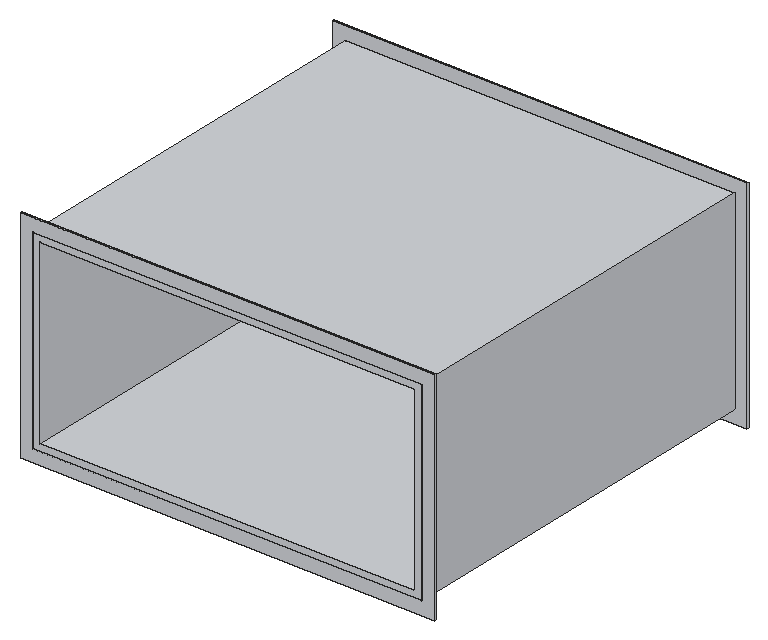
Revit family "Шумоглушитель пластинчатый DQ", category Оборудование, Revit 2022
Family settings
  Размер круглого соединителя = Использовать диаметр
  Тип детали = Нормальный
  На основе рабочей плоскости = Нет
  Всегда вертикально = Нет
  При загрузке вырезать с полостями = Нет
  Сохранять ориентацию аннотаций = Нет
  Общий = Нет
  Точка принадлежности помещению = Нет
Parameters (values of type "DQ 60-30/6")
  Отметка по умолчанию = 0 mm
  Изготовитель = "WAER"  # constant formula
  Keynote = ""
  URL = "https://waer-air.com/"
  ADSK_Система_Имя [instance] = ""
  ADSK_Расход воздуха = 0.0 m³/s
  ADSK_Размер_Ширина = 600 mm
  ADSK_Размер_Длина = 606 mm
  ADSK_Размер_Высота = 300 mm
  ADSK_Потеря давления воздуха = 0.0 Pa
  ADSK_Наименование краткое = "DQ 60-30/6"
  ADSK_Наименование = "Шумоглушитель пластинчатый DQ 60-30/6"
  ADSK_Масса_Текст = "19.3"
  ADSK_Масса = 19.3
  ADSK_Марка = ""
  ADSK_Количество = 1  # constant formula
  ADSK_Код изделия = ""
  ADSK_Завод-изготовитель = "WAER"  # constant formula
  ADSK_Единица измерения = "шт."  # constant formula
Types (18, lengths in mm): name | ADSK_Размер_Ширина | ADSK_Размер_Длина | ADSK_Размер_Высота | ADSK_Наименование краткое | ADSK_Наименование | ADSK_Масса_Текст | ADSK_Масса
  DQ 40-20/6 | 400 | 606 | 200 | "DQ 40-20/6" | "Шумоглушитель пластинчатый DQ 40-20/6" | "16.3" | 16.3
  DQ 40-20/10 | 400 | 1012 | 200 | "DQ 40-20/10" | "Шумоглушитель пластинчатый DQ 40-20/10" | "26.1" | 26.1
  DQ 50-25/6 | 500 | 606 | 250 | "DQ 50-25/6" | "Шумоглушитель пластинчатый DQ 50-25/6" | "16.8" | 16.8
  DQ 50-25/10 | 500 | 1012 | 250 | "DQ 50-25/10" | "Шумоглушитель пластинчатый DQ 50-25/10" | "27.1" | 27.1
  DQ 50-30/6 | 500 | 606 | 300 | "DQ 50-30/6" | "Шумоглушитель пластинчатый DQ 50-30/6" | "18.3" | 18.3
  DQ 50-30/10 | 500 | 1012 | 300 | "DQ 50-30/10" | "Шумоглушитель пластинчатый DQ 50-30/10" | "30.1" | 30.1
  DQ 60-30/6 | 600 | 606 | 300 | "DQ 60-30/6" | "Шумоглушитель пластинчатый DQ 60-30/6" | "19.3" | 19.3
  DQ 60-30/10 | 600 | 1012 | 300 | "DQ 60-30/10" | "Шумоглушитель пластинчатый DQ 60-30/10" | "32.3" | 32.3
  DQ 60-35/6 | 600 | 606 | 350 | "DQ 60-35/6" | "Шумоглушитель пластинчатый DQ 60-35/6" | "22." | 22
  DQ 60-35/10 | 600 | 1012 | 350 | "DQ 60-35/10" | "Шумоглушитель пластинчатый DQ 60-35/10" | "37.3" | 37.3
  DQ 70-40/6 | 700 | 606 | 400 | "DQ 70-40/6" | "Шумоглушитель пластинчатый DQ 70-40/6" | "29.4" | 29.4
  DQ 70-40/10 | 700 | 1012 | 400 | "DQ 70-40/10" | "Шумоглушитель пластинчатый DQ 70-40/10" | "48.1" | 48.1
  DQ 80-50/6 | 800 | 606 | 500 | "DQ 80-50/6" | "Шумоглушитель пластинчатый DQ 80-50/6" | "35.5" | 35.5
  DQ 80-50/10 | 800 | 1012 | 500 | "DQ 80-50/10" | "Шумоглушитель пластинчатый DQ 80-50/10" | "58.2" | 58.2
  DQ 90-50/6 | 900 | 606 | 500 | "DQ 90-50/6" | "Шумоглушитель пластинчатый DQ 90-50/6" | "38.4" | 38.4
  DQ 90-50/10 | 900 | 1012 | 500 | "DQ 90-50/10" | "Шумоглушитель пластинчатый DQ 90-50/10" | "65.1" | 65.1
  DQ 100-50/6 | 1000 | 606 | 500 | "DQ 100-50/6" | "Шумоглушитель пластинчатый DQ 100-50/6" | "43.1" | 43.1
  DQ 100-50/10 | 1000 | 1012 | 500 | "DQ 100-50/10" | "Шумоглушитель пластинчатый DQ 100-50/10" | "71.3" | 71.3
Reference planes
  plane 1 "По центру (Вперед/Назад)": y = 0
  plane 2: z = 0
  plane 3 "По центру (Влево/Вправо)": x = 0
  plane 4: x = -300
  plane 5: x = 300
  plane 6: z = -150
  plane 7: z = 150
  plane 8: y = -303
  plane 9: y = 303
Forms (mm)
  Extrusion 1, solid
    sketch origin (0, 0, 0) x (1, 0, 0) y (0, 0, 1)
      loop
        line (-300, 150) -> (-300, -150) -> (300, -150) -> (300, 150) -> (-300, 150)
      loop
        line (-290, 140) -> (-290, -140) -> (290, -140) -> (290, 140) -> (-290, 140)
    from -303 to 303
  Sweep 2, solid
    path in 3D
      loop
        line (-300, -303, 150) -> (-300, -303, -150) -> (300, -303, -150) -> (300, -303, 150) -> (-300, -303, 150)
    profile origin (0, -303, 150) x (0, -1, 0) y (0, 0, 1)
      loop
        line (0, 0) -> (0, 20) -> (-2, 20) -> (-2, 0) -> (0, 0)
  Sweep 3, solid
    path in 3D
      loop
        line (300, 303, 150) -> (300, 303, -150) -> (-300, 303, -150) -> (-300, 303, 150) -> (300, 303, 150)
    profile origin (0, 303, 150) x (0, 1, 0) y (0, 0, 1)
      loop
        line (0, 0) -> (0, 20) -> (-2, 20) -> (-2, 0) -> (0, 0)
Lines and regions (mm)
  sketch lines
    curve 1: line (300, -303, 150) -> (-300, -303, 150)
    curve 2: line (-300, -303, 150) -> (-300, -303, -150)
    curve 3: line (-300, -303, -150) -> (300, -303, -150)
    curve 4: line (300, -303, -150) -> (300, -303, 150)
    curve 5: line (-300, 303, 150) -> (300, 303, 150)
    curve 6: line (300, 303, 150) -> (300, 303, -150)
    curve 7: line (300, 303, -150) -> (-300, 303, -150)
    curve 8: line (-300, 303, -150) -> (-300, 303, 150)
Dimensions and locks
  equal spacing: plane 5, plane 3 "По центру (Влево/Вправо)", plane 4
  "ADSK_Размер_Ширина": plane 5 to plane 4
  equal spacing: plane 7, plane 2, plane 6
  "ADSK_Размер_Высота": plane 7 to plane 6
  equal spacing: plane 9, plane 1 "По центру (Вперед/Назад)", plane 8
  "ADSK_Размер_Длина": plane 9 to plane 8
  locked: Extrusion 1 sketch curve to Extrusion 1 sketch curve at 10  (x4)
  plane 8 to plane 9 = 606 mm
  aligned and locked: level to plane 2
  aligned and locked: Extrusion 1 sketch curve to plane 7
  aligned and locked: plane 4 to Extrusion 1 sketch curve
  aligned and locked: plane 6 to Extrusion 1 sketch curve
  aligned and locked: Extrusion 1 sketch curve to plane 5
  aligned and locked: plane 9 to Extrusion 1
  aligned and locked: Extrusion 1 to plane 8
Automatic sketch dimensions
  Sweep 2 sketch curve to profile plane = 0 mm  (x2)
  profile plane to Sweep 2 sketch curve = 2 mm
  profile plane to Sweep 2 sketch curve = 20 mm
  Sweep 3 sketch curve to profile plane = 0 mm  (x2)
  profile plane to Sweep 3 sketch curve = 2 mm
  profile plane to Sweep 3 sketch curve = 20 mm
Connectors
  hvac at (0, -303, 0), driven by "ADSK_Размер_Высота", driven by "ADSK_Размер_Ширина"
    settings: on Extrusion 1, index 1, duct flow 0.0 m³/s, flow factor 0, pres drop 0.0 Pa, loss coef 0, conn angle 0.00°, conn width 600 mm, conn height 300 mm, conn diameter 609.6 mm, duct sys type 29, conn prof type 1, flow config 2, flow direction 0, loss method 0, conn ref index 2, conn util no, is conn primary yes, conn desc ""
  hvac at (0, 303, 0), driven by "ADSK_Размер_Высота", driven by "ADSK_Размер_Ширина"
    settings: on Extrusion 1, index 2, duct flow 0.0 m³/s, flow factor 0, pres drop 0.0 Pa, loss coef 0, conn angle 0.00°, conn width 600 mm, conn height 300 mm, conn diameter 609.6 mm, duct sys type 29, conn prof type 1, flow config 2, flow direction 0, loss method 0, conn ref index 1, conn util no, is conn primary no, conn desc ""
